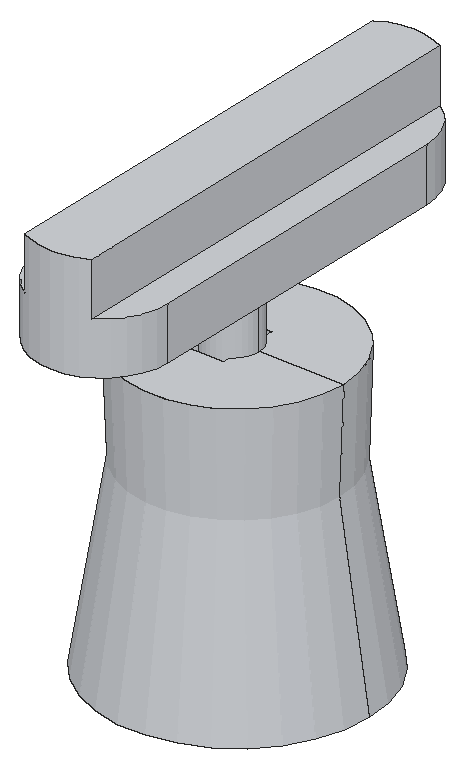
Revit family "S90-SPOT BL 2000 DALI 930 40°_Unhosted", category Lighting Fixtures, Revit 2016
Family settings
  Part Type = Normal
  Round Connector Dimension = Use Diameter
  OmniClass Number = 23.80.70.00
  OmniClass Title = Lighting
  Work Plane-Based = Yes
  Always vertical = Yes
  Cut with Voids When Loaded = No
  Light Source = Yes
  Shared = No
  Room Calculation Point = No
Parameters
  Wiring Accessories = ""
  Width = 100 mm
  Wattage Comments = ""
  Wattage = 19 W
  VoltageMax = 240 V
  built-in parameter 1150110 = 1 (stored number, unit not read)
  Voltage = 220 V
  UpdateDate = "16.10.2020 07:42:46"
  URL UK = "http://glamox.com/uk/products/S90-SPOT"
  URL Sweden = "http://glamox.com/se/produkter/S90-SPOT/items/S90225516"
  URL Russia = "http://glamox.com/ru/products/S90-SPOT/items/S90225516"
  URL Other = "http://glamox.com/gsx/products/S90-SPOT/items/S90225516"
  URL Norway = "http://glamox.com/no/produkter/S90-SPOT/items/S90225516"
  URL Ireland = "http://glamox.com/ie/products/S90-SPOT"
  URL Germany = "http://glamox.com/de/products/S90-SPOT"
  URL Finland = "http://glamox.com/fi/products/S90-SPOT"
  URL Estonia = "http://glamox.com/ee/products/S90-SPOT"
  URL Denmark = "http://glamox.com/dk/produkter/S90-SPOT"
  URL = ""
  TypeOfEmergency = ""
  TypeOfBallast = "DALI"
  TotalWattage = 19 W
  Total Load = 19 W
  built-in parameter 1114217 = 1 (stored number, unit not read)
  Tilt Angle = 90.00°
  Termination = ""
  built-in parameter 1150109 = 1 (stored number, unit not read)
  built-in parameter 1150134 = 3
  built-in parameter 1150113 = 1 (stored number, unit not read)
  Specification = "Spotlight luminaries, in Aluminium, for Surface/Track mounting, IP20, light source LED, lumen out 2310lm, ballast type DALI."
  Remark = ""
  RatedVoltage = 220 V
  PowerFactor = 98.00%
  Power factor = 0.98
  Power Factor = 0.98
  Plug Type = ""
  Photometric Web File = "S90-SPOT-2000-DALI-930-40.ies"
  Optic = ""
  NumberOfSources = 1
  Number of Poles = 1
  built-in parameter 1150142 = "IESNA:LM-63-1995\r\n[TEST]\t\t225512\r\n[MANUFAC]\tGlamox\r\n[LUMCAT]\t225512\r\n[LUMINAIRE]\tS90-SPOT 2000 DALI 930 40�\r\n[LAMP]\t\tS90-S 2000 930\r\n[DATE]\t\t2020-10-02\r\nTILT=NONE\r\n1 2310.0 2.310 181 1 1 2 -0.07 -0.07 0\r\n1.0 1 19.0\r\n0.0 1.0 2.0 3.0 4.0 5.0 6.0 7.0 8.0 9.0 10.0 11.0 12.0 13.0 14.0 15.0 16.0 17.0 18.0 19.0 20.0 21.0 22.0 23.0 24.0 25.0 26.0 27.0\r\n 28.0 29.0 30.0 31.0 32.0 33.0 34.0 35.0 36.0 37.0 38.0 39.0 40.0 41.0 42.0 43.0 44.0 45.0 46.0 47.0 48.0 49.0 50.0 51.0 52.0 53.0\r\n 54.0 55.0 56.0 57.0 58.0 59.0 60.0 61.0 62.0 63.0 64.0 65.0 66.0 67.0 68.0 69.0 70.0 71.0 72.0 73.0 74.0 75.0 76.0 77.0 78.0 79.0\r\n 80.0 81.0 82.0 83.0 84.0 85.0 86.0 87.0 88.0 89.0 90.0 91.0 92.0 93.0 94.0 95.0 96.0 97.0 98.0 99.0 100.0 101.0 102.0 103.0 104.0\r\n 105.0 106.0 107.0 108.0 109.0 110.0 111.0 112.0 113.0 114.0 115.0 116.0 117.0 118.0 119.0 120.0 121.0 122.0 123.0 124.0 125.0\r\n 126.0 127.0 128.0 129.0 130.0 131.0 132.0 133.0 134.0 135.0 136.0 137.0 138.0 139.0 140.0 141.0 142.0 143.0 144.0 145.0 146.0\r\n 147.0 148.0 149.0 150.0 151.0 152.0 153.0 154.0 155.0 156.0 157.0 158.0 159.0 160.0 161.0 162.0 163.0 164.0 165.0 166.0 167.0\r\n 168.0 169.0 170.0 171.0 172.0 173.0 174.0 175.0 176.0 177.0 178.0 179.0 180.0\r\n0.0\r\n2272.1 2264.4 2240.1 2215.8 2191.6 2159.6 2105.9 2033.3 1958.2 1883.2 1808.2 1722.6 1631.6 1532.8 1433.9 1335.0 1236.5 1140.8\r\n 1051.5 962.2 872.9 783.6 715.3 656.1 607.8 559.6 511.4 471.1 437.9 412.6 388.6 364.7 340.2 311.5 280.7 247.0 213.4 179.8 148.6\r\n 118.6 96.9 75.3 53.8 35.0 24.5 20.8 18.0 15.2 12.8 11.3 10.4 9.7 8.9 8.3 7.7 7.3 7.0 6.6 6.3 6.0 5.7 0.0 0.0 0.0 0.0 0.0 0.0 0.0\r\n 0.0 0.0 0.0 0.0 0.0 0.0 0.0 0.0 0.0 0.0 0.0 0.0 0.0 0.0 0.0 0.0 0.0 0.0 0.0 0.0 0.0 0.0 0.0 0.0 0.0 0.0 0.0 0.0 0.0 0.0 0.0 0.0\r\n 0.0 0.0 0.0 0.0 0.0 0.0 0.0 0.0 0.0 0.0 0.0 0.0 0.0 0.0 0.0 0.0 0.0 0.0 0.0 0.0 0.0 0.0 0.0 0.0 0.0 0.0 0.0 0.0 0.0 0.0 0.0 0.0\r\n 0.0 0.0 0.0 0.0 0.0 0.0 0.0 0.0 0.0 0.0 0.0 0.0 0.0 0.0 0.0 0.0 0.0 0.0 0.0 0.0 0.0 0.0 0.0 0.0 0.0 0.0 0.0 0.0 0.0 0.0 0.0 0.0\r\n 0.0 0.0 0.0 0.0 0.0 0.0 0.0 0.0 0.0 0.0 0.0 0.0 0.0 0.0 0.0 0.0 0.0\r\n\r\n"
  NominalFrequencyRange = 50 Hz
  ModelReference = "S90-SPOT"
  ModelLabel = "S90-SPOT BL 2000 DALI 930 40°"
  MaintenanceFactor = 0
  MFArtNo = "S90225516"
  built-in parameter 1150105 = 183.82 (stored number, unit not read)
  Lumens = 2310 lm
  built-in parameter 1150115 = 1 (stored number, unit not read)
  LumLenght = 80 mm
  Load Classification [instance] = Other
  Model = ""
  Manufacturer = "Glamox"
  LightFixturePlacingType = "CEILING"
  LightFixtureMountingType = "TRACKMOUNTED"
  built-in parameter 1150137 = (empty or 0)
  built-in parameter 1150139 = (empty or 0)
  LampBase = ""
  Lamp Wattage Comments = ""
  built-in parameter 1150112 = 1 (stored number, unit not read)
  built-in parameter 1150114 = 1 (stored number, unit not read)
  Lamp = "LED"
  built-in parameter 1150132 = 2
  built-in parameter 1150102 = (empty or 0)
  built-in parameter 1150107 = 3200 (stored number, unit not read)
  built-in parameter 1150138 = (empty or 0)
  built-in parameter 1150106 = 1.8382 (stored number, unit not read)
  IP_Code = "20"
  IPClass = "20"
  IK_Code = ""
  IFC Classification = "Light Fixture"
  Height = 157 mm
  GlobalTradeItemNumber = "7020940420945"
  Glamox Mounting = "Surface"
  Glamox Family = "S90-SPOT"
  Glamox Category = "Spotlights"
  FrequencyMax = 60 Hz
  Frequency = 50 Hz
  Expired = "0"
  Emit from Circle Diameter = LumLenght  # 80 mm
  Emit Shape Visible in Rendering = no
  built-in parameter 1150104 = 11.295 (stored number, unit not read)
  ELNo Norway = ""
  ELNo Finland = ""
  EANNo = "7020940420945"
  DurationInBatteryMode = ""
  Dimming Lamp Color Temperature Shift = <None>
  Description = "S90-SPOT BL 2000 DALI 930 40°"
  Default Elevation = 1800 mm
  Cut Out = ""
  Completion = ""
  Color Filter = 16777215
  Body Material and Colour = Default
  built-in parameter 1114218 = 1 (stored number, unit not read)
  built-in parameter 1150133 = 10 (stored number, unit not read)
  Assembly Code = ""
  ArticleNumber = "S90225516"
  Apparent Load = 17 VA
  #Tubes = 1
  #Ballast = 1
  # ballast on a MCB16 type B fuse = "60"
Reference planes
  plane 1 "Light Source Axis (F/B)": y = 152.873
  plane 2 "Top": z = 150
  plane 3 "Light Source Axis (L/R)": x = -142.881
  plane 4 "Level": z = 0
  plane 5: x = -101.916
  plane 6: x = -181.916
Forms (mm)
  Extrusion 1, solid, not visible
    sketch origin (-129.684, 239.416, 0) x (1, 0, 0) y (0, 1, 0)
      loop
        line (-17.232, 209.833) -> (-17.232, 149.833) -> (-7.232, 149.833) -> (-7.232, 209.833) -> (-17.232, 209.833)
    from 0 to 25
  Extrusion 2, solid, not visible
    sketch origin (-129.684, 239.416, 0) x (1, 0, 0) y (0, 1, 0)
      loop
        line (-27.232, 209.833) -> (-27.232, 149.833) -> (2.768, 149.833) -> (2.768, 209.833) -> (-27.232, 209.833)
    from -10 to 0
  Extrusion 3, solid, not visible
    sketch origin (-129.684, 239.416, 0) x (1, 0, 0) y (0, 1, 0)
      loop
        circle (-12.232, 162.289) r 12.544
    from -18 to -10
  Blend 4, solid, not visible
    base sketch origin (-129.684, 239.416, 0) x (1, 0, 0) y (0, 1, 0)
      loop
        line (37.768, 220.598) -> (-62.232, 220.598) -> (-62.232, 174.833) -> (37.768, 174.833) -> (37.768, 220.598)
    top sketch origin (-129.684, 239.416, 0) x (1, 0, 0) y (0, 1, 0)
      loop
        line (-52.232, 216.058) -> (-52.232, 179.833) -> (27.768, 179.833) -> (27.768, 216.058) -> (-52.232, 216.058)
    from -18 to -148
  Extrusion 5, solid, not visible
    sketch origin (-129.684, 124.833, 0) x (1, 0, 0) y (0, 0, 1)
      loop
        arc (-52.232, -148) -> (-12.232, -163) -> (27.768, -148) r 60.833
        line (27.768, -148) -> (-52.232, -148)
    from -330.641 to -294.416
  Blend 6, solid, not visible
    base sketch origin (-129.684, 124.833, 0) x (1, 0, 0) y (0, 0, 1)
      loop
        line (-60.45, -41.166) -> (35.986, -41.166) -> (37.768, -18) -> (-62.232, -18) -> (-60.45, -41.166)
    top sketch origin (-129.684, 124.833, 0) x (1, 0, 0) y (0, 0, 1)
      loop
        line (-62.232, -41.166) -> (37.768, -41.166) -> (37.768, -18) -> (-62.232, -18) -> (-62.232, -41.166)
    from -294.416 to -264.416
  Extrusion 7, solid, not visible
    sketch origin (-129.684, 239.416, 0) x (1, 0, 0) y (0, 1, 0)
      loop
        arc (-62.232, 149.833) -> (-12.232, 141.833) -> (37.768, 149.833) r 160.25
        line (37.768, 149.833) -> (-62.232, 149.833)
    from -41.166 to -18
  Extrusion 8, solid, not visible
    sketch origin (-58.315, 239.416, 0) x (1, 0, 0) y (0, 1, 0)
      loop
        line (-17.232, 209.833) -> (-17.232, 149.833) -> (-7.232, 149.833) -> (-7.232, 209.833) -> (-17.232, 209.833)
    from 0 to 25
  Extrusion 9, solid, not visible
    sketch origin (-58.315, 239.416, 0) x (1, 0, 0) y (0, 1, 0)
      loop
        line (-27.232, 209.833) -> (-27.232, 149.833) -> (2.768, 149.833) -> (2.768, 209.833) -> (-27.232, 209.833)
    from -10 to 0
  Extrusion 10, solid, not visible
    sketch origin (-58.315, 239.416, 0) x (1, 0, 0) y (0, 1, 0)
      loop
        circle (-12.232, 162.289) r 12.544
    from -18 to -10
  Blend 11, solid, not visible
    base sketch origin (-58.315, 239.416, 0) x (1, 0, 0) y (0, 1, 0)
      loop
        line (37.768, 220.598) -> (-62.232, 220.598) -> (-62.232, 174.833) -> (37.768, 174.833) -> (37.768, 220.598)
    top sketch origin (-58.315, 239.416, 0) x (1, 0, 0) y (0, 1, 0)
      loop
        line (-52.232, 216.058) -> (-52.232, 179.833) -> (27.768, 179.833) -> (27.768, 216.058) -> (-52.232, 216.058)
    from -18 to -148
  Extrusion 12, solid, not visible
    sketch origin (-58.315, 124.833, 0) x (1, 0, 0) y (0, 0, 1)
      loop
        arc (-52.232, -148) -> (-12.232, -163) -> (27.768, -148) r 60.833
        line (27.768, -148) -> (-52.232, -148)
    from -330.641 to -294.416
  Blend 13, solid, not visible
    base sketch origin (-58.315, 124.833, 0) x (1, 0, 0) y (0, 0, 1)
      loop
        line (-60.45, -41.166) -> (35.986, -41.166) -> (37.768, -18) -> (-62.232, -18) -> (-60.45, -41.166)
    top sketch origin (-58.315, 124.833, 0) x (1, 0, 0) y (0, 0, 1)
      loop
        line (-62.232, -41.166) -> (37.768, -41.166) -> (37.768, -18) -> (-62.232, -18) -> (-62.232, -41.166)
    from -294.416 to -264.416
  Extrusion 14, solid, not visible
    sketch origin (-58.315, 239.416, 0) x (1, 0, 0) y (0, 1, 0)
      loop
        arc (-62.232, 149.833) -> (-12.232, 141.833) -> (37.768, 149.833) r 160.25
        line (37.768, 149.833) -> (-62.232, 149.833)
    from -41.166 to -18
  Revolve 15, solid
    sketch origin (-140.07, 150, 149.693) x (-1, 0, 0) y (0, 0, -1)
      loop
        line (0, 142) -> (-40, 142) -> (-48.5, 157) -> (-50, 157)
        spline (-50, 157) -> (-46.252, 136.273) -> (-43.426, 120.352) -> (-41.393, 108.498) -> (-40.024, 99.971) -> (-39.194, 94.031) -> (-38.772, 89.94) -> (-38.632, 86.956) -> (-38.657, 84.265) -> (-38.811, 80.546) -> (-39.089, 74.277) -> (-39.487, 63.937) -> (-40, 48)
        line (-40, 48) -> (0, 48) -> (0, 142)
      axis (0, 157) -> (0, 48)
    angle from 0 to 360
  Extrusion 16, solid
    sketch origin (-142.038, 150, 149.598) x (-1, 0, 0) y (0, 0, -1)
      loop
        line (-24.5, 20) -> (-24.5, 0) -> (-12.5, 0) -> (-12.5, -20) -> (12.5, -20) -> (12.5, 0) -> (24.5, 0) -> (24.5, 20) -> (-24.5, 20)
    from -85.5 to 85.5
  Extrusion 17, void
    sketch origin (-142.038, 150, 149.598) x (0, 1, 0) y (-1, 0, 0)
      loop
        line (61, -40) -> (95.5, -40) -> (95.5, 45) -> (61, 45) -> (61, 24.5)
        arc (61, 24.5) -> (85.5, 0) -> (61, -24.5) r 24.5
        line (61, -24.5) -> (61, -40)
    from -20 to 20
  Extrusion 18, void
    sketch origin (-142.038, 150, 149.598) x (0, 1, 0) y (-1, 0, 0)
      loop
        line (-61, -40) -> (-61, -24.5)
        arc (-61, -24.5) -> (-85.5, 0) -> (-61, 24.5) r 24.5
        line (-61, 24.5) -> (-61, 45) -> (-95.5, 45) -> (-95.5, -40) -> (-61, -40)
    from -20 to 20
  Extrusion 19, solid
    sketch origin (-142.038, 150, 149.598) x (0, 1, 0) y (-1, 0, 0)
      loop
        circle (0, 0) r 10
    from -87.601 to -20
  Extrusion 20, void
    sketch origin (-205.73, 150, 149.693) x (0, 1, 0) y (0, 0, -1)
      loop
        line (-11.27, 48) -> (11.211, 48) -> (11.211, 75.942)
        arc (11.211, 75.942) -> (-0.03, 87.183) -> (-11.27, 75.942) r 11.241
        line (-11.27, 75.942) -> (-11.27, 48)
    from -69.547 to -24.761
Cuts and joins
  Extrusion 17, Extrusion 18 cuts Extrusion 16
  Extrusion 20 cuts Revolve 15
Lines and regions (mm)
  symbolic lines
    curve 1: circle (-142.881, 152.873, 0) r 49.326 normal (0, 0, 1)
    curve 2: arc (-203.555, 152.873, 0) -> (-143.555, 212.873, 0) -> (-83.555, 152.873, 0) r 60
    curve 3: line (-142.881, 152.873, 0) -> (-177.76, 117.995, 0)
    curve 4: line (-142.881, 152.873, 0) -> (-177.76, 187.752, 0)
    curve 5: line (-142.881, 152.873, 0) -> (-108.002, 187.752, 0)
    curve 6: line (-142.881, 152.873, 0) -> (-108.002, 117.995, 0)
Dimensions and locks
  locked: plane 1 "Light Source Axis (F/B)" to curve 3 (angle 45.00°)
  locked: curve 4 to plane 1 "Light Source Axis (F/B)" (angle 45.00°)
  locked: curve 5 to curve 4 (angle 90.00°)
  locked: curve 3 to curve 6 (angle 90.00°)
  aligned and locked: imposter light to plane 3 "Light Source Axis (L/R)"
  aligned and locked: imposter light to plane 1 "Light Source Axis (F/B)"
  aligned and locked: Extrusion 18 to Extrusion 17
Connectors
  electrical at (-160.538, 150, 149.598), driven by "Load Classification", driven by "Voltage", driven by "Apparent Load", driven by "Power factor"
    settings: on cut or joined group of Extrusion 16, Extrusion 17, Extrusion 18, index 1, voltage 220 V, apparent load 0 VA, apparent load phase1 17 VA, apparent load phase2 0 VA, apparent load phase3 0 VA, power factor 0.98, load classification "Other", number of poles 1, system type 31, power factor state 1, is connector primary yes, connector utility no, sub classification motor no, connector description ""
